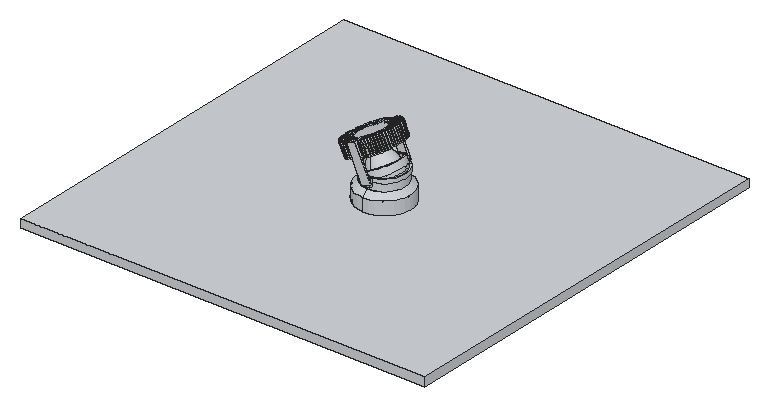
Revit family "Minitrim-X86-Directional", category Lighting Fixtures, Revit 2014
Parameters (values of type "Minitrim X86 Directional")
  Wattage Comments = "19.5"
  Wattage = 8.3 W
  built-in parameter 1150110 = 1 (stored number, unit not read)
  Type Comments = "Recessed"
  Type = "Recessed Downlighter"
  built-in parameter 1114217 = 1 (stored number, unit not read)
  Tilt Angle = 110.00°
  built-in parameter 1150109 = 1 (stored number, unit not read)
  built-in parameter 1150134 = (empty or 0)
  built-in parameter 1150113 = 1 (stored number, unit not read)
  Photometric Web File = "C0341-XTM-2000lm.ies"
  Dimension (mm) = "86"
  Model = "Minitrim X86 Directional"
  Manufacturer = "Designed Architectural Lighting"
  Luminous flux of luminaire (lm) = "2000 lumens"
  Lumens = 1049.95 lm
  built-in parameter 1150115 = 1 (stored number, unit not read)
  built-in parameter 1150105 = 83.552 (stored number, unit not read)
  built-in parameter 1150137 = (empty or 0)
  built-in parameter 1150139 = (empty or 0)
  built-in parameter 1150112 = 1 (stored number, unit not read)
  built-in parameter 1150114 = 1 (stored number, unit not read)
  Lamp = "LED"
  built-in parameter 1150132 = (empty or 0)
  built-in parameter 1150102 = (empty or 0)
  built-in parameter 1150138 = (empty or 0)
  built-in parameter 1150107 = 3000 (stored number, unit not read)
  built-in parameter 1150106 = 0.83552 (stored number, unit not read)
  Height (mm) = "115"
  built-in parameter 1150104 = 11.752 (stored number, unit not read)
  Dimming Lamp Color Temperature Shift = <None>
  Description = "Recessed LED directional downlighter"
  Cut Out (mm) = "81.5"
  Colour temperature (K) = "2700 / 3000 / 4000"
  Color Filter = 16777215
  CRI = "80"
  built-in parameter 1114218 = 1 (stored number, unit not read)
  built-in parameter 1150133 = 10 (stored number, unit not read)
  Apparent Load = 19.5 VA
  Aperture (mm) = "72"
Reference planes
  plane 1 "Light Source Axis (F/B)": y = 0
  plane 2: z = 0
  plane 3 "Light Source Axis (L/R)": x = 0
  plane 4 "Light Source Elevation": z = 0
Forms (mm)
  Extrusion 1, solid
    sketch origin (22.989, -0.368, 7.735) x (0, 1, 0) y (-0.906308, 0, -0.422618)
      loop
        line (8.036, -21.346) -> (9.763, -25.224)
        arc (9.763, -25.224) -> (9.158, -26.377) -> (9.105, -27.677) r 2.965
        line (9.105, -27.677) -> (12.96, -37.219)
        arc (12.96, -37.219) -> (13.673, -37.522) -> (13.976, -36.809) r 0.548
        line (13.976, -36.809) -> (10.23, -27.537)
        arc (10.23, -27.537) -> (10.843, -26.092) -> (12.288, -26.705) r 1.11
        line (12.288, -26.705) -> (16.28, -35.672)
        arc (16.28, -35.672) -> (17.02, -35.956) -> (17.304, -35.216) r 0.56
        line (17.304, -35.216) -> (13.182, -25.959)
        arc (13.182, -25.959) -> (12.31, -24.958) -> (11.028, -24.618) r 2.262
        line (11.028, -24.618) -> (9.403, -20.596) -> (11.989, -19.445) -> (14.463, -22.849)
        arc (14.463, -22.849) -> (14.111, -24.102) -> (14.33, -25.385) r 2.965
        line (14.33, -25.385) -> (20.084, -33.917)
        arc (20.084, -33.917) -> (20.845, -34.065) -> (20.992, -33.305) r 0.548
        line (20.992, -33.305) -> (15.4, -25.014)
        arc (15.4, -25.014) -> (15.7, -23.474) -> (17.241, -23.773) r 1.11
        line (17.241, -23.773) -> (23.009, -31.713)
        arc (23.009, -31.713) -> (23.792, -31.837) -> (23.916, -31.055) r 0.56
        line (23.916, -31.055) -> (17.96, -22.857)
        arc (17.96, -22.857) -> (16.899, -22.059) -> (15.574, -21.994) r 2.262
        line (15.574, -21.994) -> (13.148, -18.397) -> (15.119, -16.427) -> (18.389, -19.585)
        arc (18.389, -19.585) -> (18.26, -20.88) -> (18.699, -22.105) r 2.965
        line (18.699, -22.105) -> (25.847, -29.508)
        arc (25.847, -29.508) -> (26.622, -29.522) -> (26.635, -28.747) r 0.548
        line (26.635, -28.747) -> (19.689, -21.554)
        arc (19.689, -21.554) -> (19.716, -19.985) -> (21.285, -20.012) r 1.11
        line (21.285, -20.012) -> (28.346, -26.83)
        arc (28.346, -26.83) -> (29.138, -26.816) -> (29.124, -26.024) r 0.56
        line (29.124, -26.024) -> (21.835, -18.985)
        arc (21.835, -18.985) -> (20.652, -18.383) -> (19.335, -18.549) r 2.262
        line (19.335, -18.549) -> (16.322, -15.429) -> (18.148, -13.304) -> (21.857, -15.622)
        arc (21.857, -15.622) -> (22.001, -16.916) -> (22.684, -18.023) r 2.965
        line (22.684, -18.023) -> (31.216, -23.778)
        arc (31.216, -23.778) -> (31.976, -23.63) -> (31.828, -22.87) r 0.548
        line (31.828, -22.87) -> (23.538, -17.278)
        arc (23.538, -17.278) -> (23.238, -15.737) -> (24.779, -15.438) r 1.11
        line (24.779, -15.438) -> (33.102, -20.639)
        arc (33.102, -20.639) -> (33.874, -20.461) -> (33.696, -19.689) r 0.56
        line (33.696, -19.689) -> (25.103, -14.319)
        arc (25.103, -14.319) -> (23.821, -13.977) -> (22.567, -14.412) r 2.262
        line (22.567, -14.412) -> (18.971, -11.987) -> (20.87, -9.394) -> (24.954, -10.962)
        arc (24.954, -10.962) -> (25.341, -12.204) -> (26.224, -13.161) r 2.965
        line (26.224, -13.161) -> (35.697, -17.182)
        arc (35.697, -17.182) -> (36.415, -16.892) -> (36.125, -16.174) r 0.548
        line (36.125, -16.174) -> (26.92, -12.267)
        arc (26.92, -12.267) -> (26.332, -10.811) -> (27.787, -10.224) r 1.11
        line (27.787, -10.224) -> (36.95, -13.741)
        arc (36.95, -13.741) -> (37.673, -13.419) -> (37.351, -12.695) r 0.56
        line (37.351, -12.695) -> (27.891, -9.063)
        arc (27.891, -9.063) -> (26.567, -8.972) -> (25.42, -9.639) r 2.262
        line (25.42, -9.639) -> (21.427, -7.944) -> (22.262, -3.209) -> (24.741, -3.209)
        arc (24.741, -3.209) -> (29.592, -5.948) -> (34.984, -7.347) r 21.462
        line (34.984, -7.347) -> (36.065, -8.428) -> (39.133, -8.428) -> (39.133, -7.36) -> (36.601, -7.36) -> (36.601, 7.64) -> (39.186, 7.64) -> (39.186, 8.514) -> (36.351, 8.514) -> (34.984, 7.592) -> (34.984, -2.408)
        arc (34.984, -2.408) -> (34.341, -3.853) -> (32.76, -3.798) r 1.415
        line (32.76, -3.798) -> (31.024, -2.537) -> (31.024, 3.409) -> (22.339, 3.409) -> (21.555, 7.853) -> (25.597, 9.568)
        arc (25.597, 9.568) -> (26.744, 8.901) -> (28.067, 8.992) r 2.262
        line (28.067, 8.992) -> (37.528, 12.624)
        arc (37.528, 12.624) -> (37.85, 13.348) -> (37.126, 13.67) r 0.56
        line (37.126, 13.67) -> (27.963, 10.153)
        arc (27.963, 10.153) -> (26.508, 10.741) -> (27.096, 12.196) r 1.11
        line (27.096, 12.196) -> (36.301, 16.103)
        arc (36.301, 16.103) -> (36.591, 16.821) -> (35.873, 17.111) r 0.548
        line (35.873, 17.111) -> (26.4, 13.09)
        arc (26.4, 13.09) -> (25.518, 12.133) -> (25.13, 10.891) r 2.965
        line (25.13, 10.891) -> (21.047, 9.323) -> (19.147, 11.916) -> (22.744, 14.341)
        arc (22.744, 14.341) -> (23.997, 13.906) -> (25.279, 14.248) r 2.262
        line (25.279, 14.248) -> (33.873, 19.618)
        arc (33.873, 19.618) -> (34.051, 20.39) -> (33.279, 20.568) r 0.56
        line (33.279, 20.568) -> (24.955, 15.367)
        arc (24.955, 15.367) -> (23.415, 15.666) -> (23.714, 17.207) r 1.11
        line (23.714, 17.207) -> (32.005, 22.799)
        arc (32.005, 22.799) -> (32.152, 23.559) -> (31.392, 23.707) r 0.548
        line (31.392, 23.707) -> (22.861, 17.952)
        arc (22.861, 17.952) -> (22.177, 16.845) -> (22.034, 15.551) r 2.965
        line (22.034, 15.551) -> (18.324, 13.233) -> (16.498, 15.358) -> (19.512, 18.478)
        arc (19.512, 18.478) -> (20.828, 18.312) -> (22.011, 18.914) r 2.262
        line (22.011, 18.914) -> (29.3, 25.953)
        arc (29.3, 25.953) -> (29.314, 26.745) -> (28.522, 26.759) r 0.56
        line (28.522, 26.759) -> (21.462, 19.941)
        arc (21.462, 19.941) -> (19.893, 19.914) -> (19.865, 21.483) r 1.11
        line (19.865, 21.483) -> (26.812, 28.676)
        arc (26.812, 28.676) -> (26.798, 29.451) -> (26.024, 29.437) r 0.548
        line (26.024, 29.437) -> (18.875, 22.034)
        arc (18.875, 22.034) -> (18.437, 20.809) -> (18.566, 19.514) r 2.965
        line (18.566, 19.514) -> (15.419, 16.475) -> (13.325, 18.326) -> (15.751, 21.923)
        arc (15.751, 21.923) -> (17.076, 21.988) -> (18.136, 22.786) r 2.262
        line (18.136, 22.786) -> (24.092, 30.984)
        arc (24.092, 30.984) -> (23.969, 31.766) -> (23.186, 31.642) r 0.56
        line (23.186, 31.642) -> (17.417, 23.702)
        arc (17.417, 23.702) -> (15.876, 23.403) -> (15.577, 24.943) r 1.11
        line (15.577, 24.943) -> (21.169, 33.234)
        arc (21.169, 33.234) -> (21.021, 33.994) -> (20.261, 33.846) r 0.548
        line (20.261, 33.846) -> (14.506, 25.315)
        arc (14.506, 25.315) -> (14.287, 24.031) -> (14.639, 22.778) r 2.965
        line (14.639, 22.778) -> (12.068, 19.24) -> (9.579, 20.525) -> (11.204, 24.548)
        arc (11.204, 24.548) -> (12.487, 24.887) -> (13.358, 25.888) r 2.262
        line (13.358, 25.888) -> (17.48, 35.145)
        arc (17.48, 35.145) -> (17.196, 35.885) -> (16.456, 35.601) r 0.56
        line (16.456, 35.601) -> (12.464, 26.634)
        arc (12.464, 26.634) -> (11.02, 26.021) -> (10.406, 27.466) r 1.11
        line (10.406, 27.466) -> (14.152, 36.738)
        arc (14.152, 36.738) -> (13.85, 37.451) -> (13.137, 37.148) r 0.548
        line (13.137, 37.148) -> (9.282, 27.606)
        arc (9.282, 27.606) -> (9.334, 26.306) -> (9.939, 25.153) r 2.965
        line (9.939, 25.153) -> (8.16, 21.157) -> (5.456, 21.949) -> (6.209, 26.222)
        arc (6.209, 26.222) -> (7.393, 26.82) -> (8.038, 27.98) r 2.262
        line (8.038, 27.98) -> (10.144, 37.892)
        arc (10.144, 37.892) -> (9.713, 38.557) -> (9.048, 38.125) r 0.56
        line (9.048, 38.125) -> (7.008, 28.525)
        arc (7.008, 28.525) -> (5.722, 27.625) -> (4.822, 28.91) r 1.11
        line (4.822, 28.91) -> (6.558, 38.758)
        arc (6.558, 38.758) -> (6.114, 39.393) -> (5.48, 38.949) r 0.548
        line (5.48, 38.949) -> (3.693, 28.814)
        arc (3.693, 28.814) -> (4.015, 27.553) -> (4.846, 26.551) r 2.965
        line (4.846, 26.551) -> (3.936, 22.272) -> (0.629, 22.571) -> (0.629, 26.945)
        arc (0.629, 26.945) -> (1.65, 27.752) -> (2.227, 28.919) r 2.965
        line (2.227, 28.919) -> (2.586, 39.204)
        arc (2.586, 39.204) -> (2.058, 39.77) -> (1.492, 39.242) r 0.548
        line (1.492, 39.242) -> (1.143, 29.248)
        arc (1.143, 29.248) -> (-0.005, 28.178) -> (-1.076, 29.325) r 1.11
        line (-1.076, 29.325) -> (-1.076, 39.14)
        arc (-1.076, 39.14) -> (-1.636, 39.7) -> (-2.196, 39.14) r 0.56
        line (-2.196, 39.14) -> (-2.196, 29.007)
        arc (-2.196, 29.007) -> (-1.807, 27.738) -> (-0.773, 26.906) r 2.262
        line (-0.773, 26.906) -> (-0.925, 22.571) -> (-3.664, 22.35) -> (-4.573, 26.629)
        arc (-4.573, 26.629) -> (-3.742, 27.631) -> (-3.42, 28.892) r 2.965
        line (-3.42, 28.892) -> (-5.207, 39.026)
        arc (-5.207, 39.026) -> (-5.842, 39.471) -> (-6.286, 38.836) r 0.548
        line (-6.286, 38.836) -> (-4.55, 28.988)
        arc (-4.55, 28.988) -> (-5.45, 27.703) -> (-6.735, 28.603) r 1.11
        line (-6.735, 28.603) -> (-8.776, 38.203)
        arc (-8.776, 38.203) -> (-9.441, 38.635) -> (-9.872, 37.97) r 0.56
        line (-9.872, 37.97) -> (-7.765, 28.058)
        arc (-7.765, 28.058) -> (-7.121, 26.898) -> (-5.937, 26.3) r 2.262
        line (-5.937, 26.3) -> (-5.184, 22.027) -> (-7.888, 21.235) -> (-9.667, 25.231)
        arc (-9.667, 25.231) -> (-9.062, 26.384) -> (-9.009, 27.684) r 2.965
        line (-9.009, 27.684) -> (-12.864, 37.226)
        arc (-12.864, 37.226) -> (-13.577, 37.529) -> (-13.88, 36.816) r 0.548
        line (-13.88, 36.816) -> (-10.134, 27.544)
        arc (-10.134, 27.544) -> (-10.747, 26.099) -> (-12.192, 26.712) r 1.11
        line (-12.192, 26.712) -> (-16.184, 35.679)
        arc (-16.184, 35.679) -> (-16.924, 35.963) -> (-17.208, 35.223) r 0.56
        line (-17.208, 35.223) -> (-13.086, 25.966)
        arc (-13.086, 25.966) -> (-12.215, 24.965) -> (-10.932, 24.625) r 2.262
        line (-10.932, 24.625) -> (-9.307, 20.603) -> (-11.796, 19.318) -> (-14.367, 22.856)
        arc (-14.367, 22.856) -> (-14.015, 24.109) -> (-14.234, 25.393) r 2.965
        line (-14.234, 25.393) -> (-19.988, 33.924)
        arc (-19.988, 33.924) -> (-20.749, 34.072) -> (-20.897, 33.312) r 0.548
        line (-20.897, 33.312) -> (-15.305, 25.021)
        arc (-15.305, 25.021) -> (-15.604, 23.481) -> (-17.145, 23.78) r 1.11
        line (-17.145, 23.78) -> (-22.914, 31.72)
        arc (-22.914, 31.72) -> (-23.696, 31.844) -> (-23.82, 31.062) r 0.56
        line (-23.82, 31.062) -> (-17.864, 22.864)
        arc (-17.864, 22.864) -> (-16.804, 22.066) -> (-15.478, 22.001) r 2.262
        line (-15.478, 22.001) -> (-13.053, 18.404) -> (-15.147, 16.553) -> (-18.293, 19.592)
        arc (-18.293, 19.592) -> (-18.165, 20.887) -> (-18.603, 22.112) r 2.965
        line (-18.603, 22.112) -> (-25.752, 29.515)
        arc (-25.752, 29.515) -> (-26.526, 29.529) -> (-26.54, 28.754) r 0.548
        line (-26.54, 28.754) -> (-19.593, 21.561)
        arc (-19.593, 21.561) -> (-19.62, 19.992) -> (-21.19, 20.019) r 1.11
        line (-21.19, 20.019) -> (-28.25, 26.837)
        arc (-28.25, 26.837) -> (-29.042, 26.823) -> (-29.028, 26.031) r 0.56
        line (-29.028, 26.031) -> (-21.739, 18.992)
        arc (-21.739, 18.992) -> (-20.556, 18.39) -> (-19.24, 18.556) r 2.262
        line (-19.24, 18.556) -> (-16.226, 15.436) -> (-18.052, 13.311) -> (-21.761, 15.629)
        arc (-21.761, 15.629) -> (-21.905, 16.923) -> (-22.588, 18.03) r 2.965
        line (-22.588, 18.03) -> (-31.12, 23.785)
        arc (-31.12, 23.785) -> (-31.88, 23.637) -> (-31.732, 22.877) r 0.548
        line (-31.732, 22.877) -> (-23.442, 17.285)
        arc (-23.442, 17.285) -> (-23.143, 15.744) -> (-24.683, 15.445) r 1.11
        line (-24.683, 15.445) -> (-33.007, 20.646)
        arc (-33.007, 20.646) -> (-33.779, 20.468) -> (-33.6, 19.696) r 0.56
        line (-33.6, 19.696) -> (-25.007, 14.326)
        arc (-25.007, 14.326) -> (-23.725, 13.984) -> (-22.472, 14.419) r 2.262
        line (-22.472, 14.419) -> (-18.979, 12.063) -> (-20.774, 9.401) -> (-24.858, 10.969)
        arc (-24.858, 10.969) -> (-25.245, 12.211) -> (-26.128, 13.168) r 2.965
        line (-26.128, 13.168) -> (-35.601, 17.189)
        arc (-35.601, 17.189) -> (-36.319, 16.899) -> (-36.029, 16.181) r 0.548
        line (-36.029, 16.181) -> (-26.824, 12.274)
        arc (-26.824, 12.274) -> (-26.236, 10.819) -> (-27.691, 10.231) r 1.11
        line (-27.691, 10.231) -> (-36.854, 13.748)
        arc (-36.854, 13.748) -> (-37.578, 13.426) -> (-37.255, 12.702) r 0.56
        line (-37.255, 12.702) -> (-27.795, 9.07)
        arc (-27.795, 9.07) -> (-26.471, 8.979) -> (-25.324, 9.646) r 2.262
        line (-25.324, 9.646) -> (-21.289, 7.933) -> (-22.142, 3.096) -> (-24.544, 3.096)
        arc (-24.544, 3.096) -> (-29.395, 5.836) -> (-34.788, 7.235) r 21.462
        line (-34.788, 7.235) -> (-35.869, 8.316) -> (-38.936, 8.316) -> (-38.936, 7.247) -> (-36.404, 7.247) -> (-36.404, -7.753) -> (-38.989, -7.753) -> (-38.989, -8.626) -> (-36.154, -8.626) -> (-34.788, -7.705) -> (-34.788, 2.295)
        arc (-34.788, 2.295) -> (-34.144, 3.741) -> (-32.563, 3.686) r 1.415
        line (-32.563, 3.686) -> (-30.827, 2.424) -> (-30.827, -3.521) -> (-22.142, -3.521) -> (-21.155, -7.866) -> (-25.148, -9.561)
        arc (-25.148, -9.561) -> (-26.295, -8.894) -> (-27.619, -8.985) r 2.262
        line (-27.619, -8.985) -> (-37.079, -12.617)
        arc (-37.079, -12.617) -> (-37.401, -13.341) -> (-36.677, -13.663) r 0.56
        line (-36.677, -13.663) -> (-27.514, -10.146)
        arc (-27.514, -10.146) -> (-26.059, -10.734) -> (-26.647, -12.189) r 1.11
        line (-26.647, -12.189) -> (-35.852, -16.096)
        arc (-35.852, -16.096) -> (-36.142, -16.814) -> (-35.424, -17.104) r 0.548
        line (-35.424, -17.104) -> (-25.951, -13.083)
        arc (-25.951, -13.083) -> (-25.069, -12.126) -> (-24.681, -10.884) r 2.965
        line (-24.681, -10.884) -> (-20.598, -9.316) -> (-18.802, -11.978) -> (-22.295, -14.334)
        arc (-22.295, -14.334) -> (-23.548, -13.899) -> (-24.83, -14.241) r 2.262
        line (-24.83, -14.241) -> (-33.424, -19.611)
        arc (-33.424, -19.611) -> (-33.602, -20.383) -> (-32.83, -20.561) r 0.56
        line (-32.83, -20.561) -> (-24.507, -15.36)
        arc (-24.507, -15.36) -> (-22.966, -15.659) -> (-23.266, -17.2) r 1.11
        line (-23.266, -17.2) -> (-31.556, -22.792)
        arc (-31.556, -22.792) -> (-31.704, -23.552) -> (-30.943, -23.7) r 0.548
        line (-30.943, -23.7) -> (-22.412, -17.945)
        arc (-22.412, -17.945) -> (-21.728, -16.838) -> (-21.585, -15.544) r 2.965
        line (-21.585, -15.544) -> (-17.876, -13.226) -> (-16.05, -15.351) -> (-19.063, -18.471)
        arc (-19.063, -18.471) -> (-20.38, -18.305) -> (-21.562, -18.907) r 2.262
        line (-21.562, -18.907) -> (-28.852, -25.946)
        arc (-28.852, -25.946) -> (-28.866, -26.738) -> (-28.073, -26.752) r 0.56
        line (-28.073, -26.752) -> (-21.013, -19.934)
        arc (-21.013, -19.934) -> (-19.444, -19.907) -> (-19.417, -21.476) r 1.11
        line (-19.417, -21.476) -> (-26.363, -28.669)
        arc (-26.363, -28.669) -> (-26.35, -29.444) -> (-25.575, -29.43) r 0.548
        line (-25.575, -29.43) -> (-18.426, -22.027)
        arc (-18.426, -22.027) -> (-17.988, -20.802) -> (-18.117, -19.507) r 2.965
        line (-18.117, -19.507) -> (-14.971, -16.468) -> (-12.876, -18.319) -> (-15.302, -21.916)
        arc (-15.302, -21.916) -> (-16.627, -21.981) -> (-17.688, -22.779) r 2.262
        line (-17.688, -22.779) -> (-23.644, -30.977)
        arc (-23.644, -30.977) -> (-23.52, -31.759) -> (-22.737, -31.635) r 0.56
        line (-22.737, -31.635) -> (-16.968, -23.695)
        arc (-16.968, -23.695) -> (-15.428, -23.396) -> (-15.128, -24.936) r 1.11
        line (-15.128, -24.936) -> (-20.72, -33.227)
        arc (-20.72, -33.227) -> (-20.572, -33.987) -> (-19.812, -33.839) r 0.548
        line (-19.812, -33.839) -> (-14.057, -25.308)
        arc (-14.057, -25.308) -> (-13.838, -24.024) -> (-14.19, -22.771) r 2.965
        line (-14.19, -22.771) -> (-11.619, -19.233) -> (-9.13, -20.518) -> (-10.756, -24.541)
        arc (-10.756, -24.541) -> (-12.038, -24.88) -> (-12.91, -25.881) r 2.262
        line (-12.91, -25.881) -> (-17.031, -35.138)
        arc (-17.031, -35.138) -> (-16.747, -35.878) -> (-16.008, -35.594) r 0.56
        line (-16.008, -35.594) -> (-12.016, -26.627)
        arc (-12.016, -26.627) -> (-10.571, -26.014) -> (-9.958, -27.459) r 1.11
        line (-9.958, -27.459) -> (-13.704, -36.731)
        arc (-13.704, -36.731) -> (-13.401, -37.444) -> (-12.688, -37.141) r 0.548
        line (-12.688, -37.141) -> (-8.833, -27.599)
        arc (-8.833, -27.599) -> (-8.886, -26.299) -> (-9.49, -25.146) r 2.965
        line (-9.49, -25.146) -> (-7.711, -21.15) -> (-5.621, -22.23) -> (-6.224, -26.518)
        arc (-6.224, -26.518) -> (-7.386, -27.158) -> (-7.99, -28.34) r 2.262
        line (-7.99, -28.34) -> (-9.749, -38.319)
        arc (-9.749, -38.319) -> (-9.295, -38.968) -> (-8.646, -38.514) r 0.56
        line (-8.646, -38.514) -> (-6.942, -28.848)
        arc (-6.942, -28.848) -> (-5.688, -27.904) -> (-4.744, -29.157) r 1.11
        line (-4.744, -29.157) -> (-6.135, -39.06)
        arc (-6.135, -39.06) -> (-5.669, -39.678) -> (-5.051, -39.212) r 0.548
        line (-5.051, -39.212) -> (-3.618, -29.021)
        arc (-3.618, -29.021) -> (-3.984, -27.772) -> (-4.85, -26.8) r 2.965
        line (-4.85, -26.8) -> (-4.09, -22.492) -> (-0.819, -23.069) -> (-0.666, -27.446)
        arc (-0.666, -27.446) -> (-1.7, -28.278) -> (-2.089, -29.546) r 2.262
        line (-2.089, -29.546) -> (-2.089, -39.679)
        arc (-2.089, -39.679) -> (-1.529, -40.24) -> (-0.968, -39.679) r 0.56
        line (-0.968, -39.679) -> (-0.968, -29.865)
        arc (-0.968, -29.865) -> (0.102, -28.717) -> (1.25, -29.787) r 1.11
        line (1.25, -29.787) -> (1.599, -39.781)
        arc (1.599, -39.781) -> (2.165, -40.309) -> (2.694, -39.743) r 0.548
        line (2.694, -39.743) -> (2.334, -29.458)
        arc (2.334, -29.458) -> (1.757, -28.291) -> (0.736, -27.484) r 2.965
        line (0.736, -27.484) -> (0.736, -23.11) -> (4.345, -22.474) -> (5.122, -26.878)
        arc (5.122, -26.878) -> (4.256, -27.85) -> (3.891, -29.099) r 2.965
        line (3.891, -29.099) -> (5.323, -39.29)
        arc (5.323, -39.29) -> (5.941, -39.756) -> (6.408, -39.138) r 0.548
        line (6.408, -39.138) -> (5.016, -29.235)
        arc (5.016, -29.235) -> (5.96, -27.981) -> (7.214, -28.926) r 1.11
        line (7.214, -28.926) -> (8.918, -38.592)
        arc (8.918, -38.592) -> (9.567, -39.046) -> (10.022, -38.397) r 0.56
        line (10.022, -38.397) -> (8.262, -28.418)
        arc (8.262, -28.418) -> (7.658, -27.236) -> (6.496, -26.596) r 2.262
        line (6.496, -26.596) -> (5.892, -22.3) -> (8.036, -21.346)
    from 80.319 to 100.41
  Extrusion 2, solid
    sketch origin (-17.5, -62.5, 0) x (1, 0, 0) y (0, 1, 0)
      loop
        line (-282.765, 362.833) -> (-282.765, -237.167) -> (317.235, -237.167) -> (317.235, 362.833) -> (-282.765, 362.833)
      loop
        circle (17.5, 62.5) r 40
    from 1.159 to 13.747
  Revolve 3, solid
    sketch origin (20.509, 0, 11.406) x (0, 1, 0) y (-0.422618, 0, 0.906308)
      loop
        line (20.731, 76.082) -> (0, 76.082) -> (0, 70.385) -> (20.731, 70.385) -> (20.731, 76.082)
      axis (0, 76.082) -> (0, 70.385)
    angle from 0 to 360
  Revolve 4, solid
    sketch origin (19.981, 0.156, 12.539) x (0, 1, 0) y (-0.422618, 0, 0.906308)
      loop
        line (22.206, 40.426) -> (24.741, 40.426) -> (24.741, 42.398) -> (23.84, 42.398)
        arc (23.84, 42.398) -> (19.738, 56.161) -> (13.577, 69.134) r 93.497
        line (13.577, 69.134) -> (10.866, 69.134)
        arc (10.866, 69.134) -> (17.77, 55.267) -> (22.206, 40.426) r 90.439
      axis (0, 69.134) -> (0, 40.426)
    angle from 0 to 360
  Revolve 5, solid
    sketch origin (0, 0, 0) x (0, 1, 0) y (0, 0, 1)
      loop
        line (42.849, 1.159) -> (37.54, 1.159)
        arc (37.54, 1.159) -> (33.382, 20.974) -> (26.476, 40.006) r 143.462
        line (26.476, 40.006) -> (25.116, 40.006)
        arc (25.116, 40.006) -> (32.468, 20.481) -> (36.44, 0) r 123.941
        line (36.44, 0) -> (42.849, 0) -> (42.849, 1.159)
      axis (0, 40.006) -> (0, 0)
    angle from 0 to 360
  Revolve 6, solid
    sketch origin (0, 0, 0) x (0, 1, 0) y (0, 0, 1)
      loop
        line (37.945, 1.159) -> (39.132, 1.159) -> (39.132, 32.282) -> (30.95, 40.463) -> (30.95, 52.225) -> (32.303, 52.225) -> (32.303, 57.664) -> (29.548, 57.664) -> (29.548, 55.951) -> (29.548, 39.556) -> (37.945, 31.159) -> (37.945, 1.159)
      axis (0, 57.664) -> (0, 1.159)
    angle from 0 to 360
  Revolve 7, solid
    sketch origin (22.358, 0, 7.441) x (0, 1, 0) y (-0.422618, 0, 0.906308)
      loop
        line (20.809, 42.482) -> (20.809, 40.463) -> (24.446, 40.463) -> (25.804, 41.096) -> (27.508, 44.924) -> (28.411, 49.171) -> (28.411, 59.561) -> (27.839, 60.133) -> (26.35, 60.133) -> (25.74, 59.522) -> (25.74, 46.611) -> (24.927, 45.798) -> (22.634, 45.798) -> (22.634, 42.482) -> (20.809, 42.482)
      axis (0, 60.133) -> (0, 40.463)
    angle from 0 to 360
  Extrusion 8, solid
    sketch origin (22.358, 0, 7.441) x (0.906308, 0, 0.422618) y (0, 1, 0)
      loop
        line (-6.36, 37.723) -> (-6.36, 36.233) -> (7.127, 36.233) -> (7.127, 37.723) -> (-6.36, 37.723)
    from 46.051 to 100.41
  Extrusion 9, solid
    sketch origin (22.822, -75.317, 7.658) x (0.906308, 0, 0.422618) y (0, 1, 0)
      loop
        line (-6.36, 38.477) -> (-6.36, 37.111) -> (7.127, 37.111) -> (7.127, 38.477) -> (-6.36, 38.477)
    from 46.051 to 100.41
  Extrusion 10, solid
    sketch origin (0.512, -71.823, -17.976) x (1, 0, 0) y (0, 1, 0)
      loop
        line (-6.36, 39.53) -> (-6.36, 35.051) -> (7.127, 35.051) -> (7.127, 39.53) -> (-6.36, 39.53)
    from 64.682 to 75.641
  Extrusion 11, solid
    sketch origin (0.512, -5.885, -17.976) x (1, 0, 0) y (0, 1, 0)
      loop
        line (-6.36, 42.118) -> (-6.36, 38.186) -> (7.127, 38.186) -> (7.127, 42.118) -> (-6.36, 42.118)
    from 64.682 to 75.641
Dimensions and locks
  aligned and locked: plane 3 "Light Source Axis (L/R)" to imposter light
  aligned and locked: plane 1 "Light Source Axis (F/B)" to imposter light
  aligned and locked: plane 4 "Light Source Elevation" to imposter light
  aligned and locked: level to plane 2
